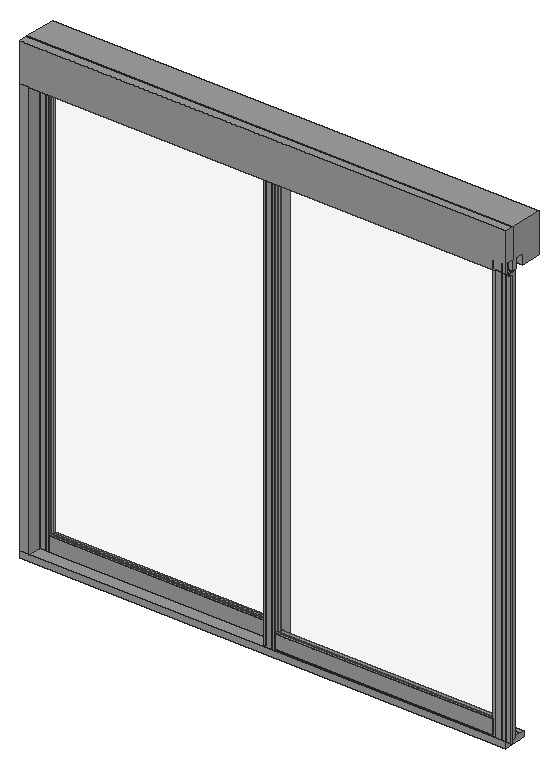
Revit family "Agta_Record_SldngDrset_THERMCORD-E-STA_WallBased", category Doors, host Wall, Revit 2012
Parameters (values of type "THERMCORD E-STA-L 200mm drive unit height - left - with side panel")
  WithoutDriveCladding(OnlyApplicableForTypesWithoutSidePanels) = not(WithDriveCladding)  # no
  WithinStandardSizes = and(OpeningWidth > 799.90 mm, OpeningWidth < 3000.10 mm, ClearHeightOfPassage < 3000.10 mm, ClearHeightOfPassage > 1999.90 mm)  # yes
  WithDriveCladding = yes
  WarrantyDurationUnit = "Depends on country"
  WallMountingProfile = yes
  TotalWidth = if(Left Panel, Side Panel Width Left + OpeningWidth + 51.00 mm, if(Right Panel, Side Panel Width Right + OpeningWidth + 51.00 mm, OpeningWidth + 105.50 mm))  # 2497.00 mm
  TotalHeight = ClearHeightOfPassage + DriveUnitHeight  # 2350.00 mm
  Thickness = 0.00 mm
  SustainabilityPerformance = "n/a"
  SupportLengthRight = if(Interlacing profile right, (OpeningWidth - 46.00 mm) / 2 + Side Panel Width Right, (OpeningWidth / 2) + 74.00 mm)  # 674.00 mm
  SupportLengthLeft = if(Interlacing profile left, (OpeningWidth - 46.00 mm) / 2 + Side Panel Width Left, (OpeningWidth / 2) + 74.00 mm)  # 1823.00 mm
  SupportLength = SupportLengthRight + SupportLengthLeft  # 2497.00 mm
  Side void right = if(Right Panel, Side Panel Width Right - 70.50 mm, if(Interlacing profile right, 0.00 mm, 46.00 mm))  # 46.00 mm
  Side void left = if(Left Panel, Side Panel Width Left - 70.50 mm, if(Interlacing profile left, 0.00 mm, 46.00 mm))  # 1175.50 mm
  Side Panel Width Right = Side Panel Minimum Standard + ExtraRight  # 1246.00 mm
  Side Panel Width Left = Side Panel Minimum Standard + ExtraLeft  # 1246.00 mm
  ServiceLifeType = "n/a"
  Right Profile = DoorOpeningLeft > DoorOpeningRight  # no
  Right Panel = no
  Revision = "n/a"
  ProductInformation = "www.agta-record.com"
  Process = "n/a"
  PanelFrames = Sliding Door, Aluminium
  PanelFill = Sliding Door, Laminated Safety Glass (Clear)
  Panel Height = ClearHeightOfPassage + 50.00 mm  # 2200.00 mm
  Operation = "n/a"
  OpeningWidth = 1200.00 mm
  OffsetFromWallTop = 0.00 mm
  OffsetFromWallSide = 0.00 mm
  OffsetFromInteriorWallFace(OnlyApplicableForTypesWithTwoSidePanels) = 0.00 mm
  Name = "n/a"
  NBSTypeID = "n/a"
  NBSReference = "25-50-20/175"
  NBSOfficeMasterTag = "n/a"
  NBSNote = "n/a"
  NBSDescription = "Automatic Sliding Door"
  NBSCertification = "n/a"
  ModelNumber = "n/a"
  ModelLabel = "n/a"
  MethodOfMeasurement = "n/a"
  ManufacturerName = "Record"
  Left Profile = DoorOpeningRight > DoorOpeningLeft  # no
  Left Panel = yes
  Interlacing profile right = no
  Interlacing profile left = yes
  Interlacing profile 1 = yes
  InstallationDate = "n/a"
  Inner Panel Width = OpeningWidth + 46.00 mm  # 1246.00 mm
  IfcExportType = "Door"
  IfcExportAs = "IfcDoorStyle"
  Grade = "n/a"
  FloorGuide = Sliding Door, Stainless Steel
  Features = "n/a"
  ExtraWidthRight = 0.00 mm
  ExtraWidthLeft = 0.00 mm
  ExtraRight = if(not(Right Panel), 0.00 mm, ExtraWidthRight)  # 0.00 mm
  ExtraLeft = if(not(Left Panel), 0.00 mm, ExtraWidthLeft)  # 0.00 mm
  ExpectedLife = "n/a"
  DurationUnit = "n/a"
  DriveUnitHeight = 200.00 mm
  DriveUnit = Sliding Door, Sheet Metal (Painted Steel)
  Drive Depth = if(WithDriveCladding, 210.00 mm, 157.00 mm)  # 210.00 mm
  DoorOpeningRight = if(Interlacing profile right, Side Panel Width Left + DoorOpening, (Side Panel Width Left - DoorOpening))  # 1246.00 mm
  DoorOpeningLeft = if(Interlacing profile left, Side Panel Width Right + DoorOpening, (Side Panel Width Right - DoorOpening))  # 1246.00 mm
  DoorOpening = 0.00 mm
  Width = TotalWidth  # 2497.00 mm
  Weight = "Depends on configuration and size"
  WarrantyStartDate = "Depends on country"
  WarrantyGuarantorParts = "Local door manufacturer"
  WarrantyGuarantorLabour = "Local door manufacturer"
  WarrantyDurationParts = "Depends on country"
  WarrantyDurationLabour = "Depends on country"
  WarrantyDescription = "Depends on country"
  Version = "Version 1.0"
  Uniclass2 = "Ss_25_30_20_77"
  URL = "www.agta-record.com"
  Type Comments = ""
  ThresholdStripping = "No additional required, part of the doorset"
  ThresholdRequired = yes
  ThermalTransmittance = 0
  TagNumber = "n/a"
  SmokeStop = no
  Size = "n/a"
  Side Panel Minimum Standard = Inner Panel Width  # 1246.00 mm
  Shape = "Rectangular"
  ServiceLifeDuration = "10-15 years"
  SerialNumber = "n/a"
  SelfClosing = yes
  Rough Width = SupportLength + OffsetFromWallSide + 6.00 mm  # 2503.00 mm
  Rough Height = TotalHeight + OffsetFromWallTop + 6.00 mm  # 2356.00 mm
  ReplacementCost = "Depends on the configuration and door type"
  ReferenceStandard = "EN16005, EN16361, DIN 18650, etc."
  Reference = "n/a"
  ProductionYear = "n/a"
  PassageWidthOptions = "n/a"
  Opening Width in Wall = if([OffsetFromInteriorWallFace(OnlyApplicableForTypesWithTwoSidePanels)] = 0.00 mm, OpeningWidth - 140.00 mm, OpeningWidth)  # 1060.00 mm
  Opening = 0.00 mm
  NominalWidth = TotalWidth  # 2497.00 mm
  NominalLength = 0.00 mm
  NominalHeight = TotalHeight  # 2350.00 mm
  ModelReference = "Depends on the configuration"
  Model = "THERMCORD E-STA"
  Material = "Aluminium"
  ManufacturerURL = "www.agta-record.com"
  Manufacturer = "Record"
  LeafColourOptions = "All RAL, customer specific"
  Keynote = ""
  IssueDate = ""
  IsExternal = yes
  Infiltration = "n/a"
  Height = TotalHeight  # 2350.00 mm
  HasDrive = yes
  HandicapAccessible = yes
  GlassType = "Part of glazing spec"
  GlassThickness2 = "None (default)"
  GlassThickness1 = "8 mm (default)"
  GlassLayers = 2
  FrameSeal = yes
  FrameProfile = "Aluminium"
  FrameMaterial = "Aluminium"
  FrameFinishOptions = "n/a"
  FireExit = no
  Finish = "Powder coated, Anodized, customer specific"
  ElectronicLock = yes
  DoorsetOperation = "Automatic"
  DoorsetFasteners = "Screws"
  DoorSeal = "1"
  DoorNumber = "n/a"
  DoorIncluded = yes
  Documentation = "n/a"
  DocumentReference = "n/a"
  Description = "Automatic Sliding Door"
  Cost = 0
  Construction Type = "Automatic Sliding Door"
  Constituents = "n/a"
  Configuration = "1 or 2"
  Colour = "Customer specific"
  CodePerformance = "n/a"
  Clearance Zones = no
  ClearHeightOfPassage = 2150.00 mm
  Category = "n/a"
  BarCode = "n/a"
  BIMObjectName = "THERMCORD E-STA - Wall based.rfa"
  Author = "agtatec"
  AssetType = "n/a"
  AssetIdentifier = "n/a"
  Assembly Code = "B2030110"
  AntiFingerTrapRequirement = yes
  AlternativeDoorsetGlazing = "Part of glazing spec"
  AccessoryOptions = "Contact manufacturer"
  AccessibilityPerformance = "n/a"
Reference planes
  plane 1: y = 0
  plane 2 "Center (Left/Right)": x = 0
  plane 3 "Wall Edge": y = 76.2
  plane 4: x = 600
  plane 5: x = -600
  plane 6: x = -577
  plane 7: x = 577
  plane 8: x = -674
  plane 9: x = 1823
  plane 10: x = 674
  plane 11: x = -1823
  plane 12: x = 1752.5
  plane 13: z = 2350
  plane 14: x = -623
Lines and regions (mm)
  Opening 1
    outline origin (-1524, -76.2, 0) x (1, 0, 0) y (0, 0, 1)
      loop
        line (901, 0) -> (3276.5, 0) -> (3276.5, 2350) -> (901, 2350) -> (901, 0)
Text (mm)
  text "Placement Side" at (0, 1019.848, 3124.603), in view "Right"
  text "Placement Side" at (-1787.662, 723.012, 0), in view "Ref. Level"
  text "Placement Side" at (0, 2073.289, 3571.227), in view "Left"
Dimensions and locks
  locked: plane 3 "Wall Edge" to host wall
  equal spacing: plane 4, plane 2 "Center (Left/Right)", plane 5
  "OpeningWidth": plane 4 to plane 5
  locked: plane 4 to plane 7 at 23
  locked: plane 6 to plane 5 at 23
  "Side void left": plane 7 to plane 12
  "OffsetFromWallSide": plane 12 to Opening 1 sketch curve
  "OffsetFromWallTop": Opening 1 sketch curve to plane 13
  "TotalHeight": plane 13 to level
  "OffsetFromWallSide": Opening 1 sketch curve to plane 14
  "Side void right": plane 6 to plane 14
  aligned and locked: nested 1 to plane 3 "Wall Edge"
Automatic sketch dimensions
  Opening 1 sketch curve to level = 0.00 mm
Nested families
  nested 1: "THERMCORD E-STA" at (577.003, 76.2, 0), type "THERMCORD E-STA-L 150mm drive unit height, left, with side panel"
    with Wall Mounting Profile yes, Mounting profile left yes, Modified Profile yes, Total Height 2350.00 mm, Rough Height 2356.00 mm, NominalHeight 2350.00 mm, Inner Panel Profile no, Height 2350.00 mm, Drive Unit Height 200.00 mm
Definition of nested family "THERMCORD E-STA"
  Parameters (values of type "THERMCORD E-STA-L 150mm drive unit height, left, with side panel")
    Without side panels = and(not(Right Panel), not(Left Panel))  # no
    Without Drive Cladding 'only applicable for types without side panels' = not(With Drive Cladding)  # no
    Within Standard Sizes = and(Opening Width > 799.90 mm, Opening Width < 3000.10 mm, Clear Height of Passage < 3000.10 mm, Clear Height of Passage > 1999.90 mm)  # yes
    With Drive Cladding = yes
    Wall Opening Width = if(and(Right Panel, Left Panel), Opening Width + Side Panel Width Right + Side Panel Width Left, if(Right Panel, Opening Width + Side Panel Width Right, if(Left Panel, Opening Width + Side Panel Width Left, Opening Width)))  # 2446.00 mm
    Wall Mounting Profile = no
    Support Length Right = if(Interlacing profile right, (Opening Width - 46.00 mm) / 2 + Side Panel Width Right, (Opening Width / 2) + 74.00 mm)  # 674.00 mm
    Support Length Left = if(Interlacing profile left, (Opening Width - 46.00 mm) / 2 + Side Panel Width Left, (Opening Width / 2) + 74.00 mm)  # 1823.00 mm
    Side Panel Width Right = Side Panel Minimum Standard + Extra Right  # 1246.00 mm
    Side Panel Width Left = Side Panel Minimum Standard + Extra Left  # 1246.00 mm
    Right Profile = Door Opening Left > Door Opening Right  # no
    Right Panel = no
    Profile Opening Right = if(Interlacing profile left, Door Opening Restriction, 0.00 mm)  # 0.00 mm
    Profile Opening Left = if(Interlacing profile right, Door Opening Restriction, 0.00 mm)  # 0.00 mm
    Outer Panel Width Right = Side Panel Minimum Standard - 32.82 mm + Extra Right  # 1213.18 mm
    Outer Panel Width Left = Side Panel Minimum Standard - 32.82 mm + Extra Left  # 1213.18 mm
    Mounting profile right = and(Right Panel, Wall Mounting Profile)  # no
    Mounting profile left = and(Left Panel, Wall Mounting Profile)  # no
    Modified Profile = or(Wall Opening Width = Opening Width, Wall Mounting Profile)  # no
    Left Profile = Door Opening Right > Door Opening Left  # no
    Left Panel = yes
    Interlacing profile right = no
    Width = Total Width  # 2497.00 mm
    Weight = "Depends on configuration and size"
    WarrantyStartDate = "Depends on country"
    WarrantyGuarantorParts = "Local door manufacturer"
    WarrantyGuarantorLabour = "Local door manufacturer"
    WarrantyDurationParts = "Depends on country"
    WarrantyDurationLabour = "Depends on country"
    WarrantyDescription = "Depends on country"
    Version = "Version 1.0"
    Uniclass2 = "Ss_25_30_20_77"
    URL = "www.agta-record.com"
    Type Comments = ""
    Total Width = if(Left Panel, Side Panel Width Left + Opening Width + 51.00 mm, if(Right Panel, Side Panel Width Right + Opening Width + 51.00 mm, Opening Width + 105.50 mm))  # 2497.00 mm
    Total Height = Clear Height of Passage + Drive Unit Height  # 2300.00 mm
    ThresholdStripping = "No additional required, part of the doorset"
    ThresholdRequired = yes
    ThermalTransmittance = 0
    TagNumber = ""
    Support Length = Support Length Right + Support Length Left  # 2497.00 mm
    SmokeStop = no
    Size = ""
    Side Panel Minimum Standard = Inner Panel Width  # 1246.00 mm
    Shape = "Rectangular"
    ServiceLifeDuration = "10-15 years"
    SerialNumber = ""
    SelfClosing = yes
    Rough Width = Total Width + 6.00 mm  # 2503.00 mm
    Rough Height = Total Height + 6.00 mm  # 2306.00 mm
    ReplacementCost = "Depends on the configuration and door type"
    ReferenceStandard = "EN16005, EN16361, DIN 18650, etc."
    Reference = ""
    ProductionYear = ""
    PassageWidthOptions = ""
    Panel Height = Clear Height of Passage + 50.00 mm  # 2200.00 mm
    Panel Frames = Sliding Door, Aluminium
    Panel Fill = Sliding Door, Laminated Safety Glass (Clear)
    Operation = "Automatic"
    Opening Width = 1200.00 mm
    NominalWidth = Total Width  # 2497.00 mm
    NominalLength = 0.00 mm
    NominalHeight = Total Height  # 2300.00 mm
    ModelReference = "Depends on the configuration"
    Model = "THERMCORD E-STA"
    Material = "Aluminium"
    ManufacturerURL = "www.agta-record.com"
    Manufacturer = "Record"
    LeafColourOptions = "All RAL, customer specific"
    Keynote = ""
    IssueDate = ""
    IsExternal = yes
    Interlancing Profile Height = Panel Height - 5.00 mm  # 2195.00 mm
    Interlacing profile left = yes
    Interlacing profile 3 = and(Wall Opening Width = Opening Width, With Drive Cladding)  # no
    Interlacing profile 2 = and(Wall Opening Width = Opening Width, Without Drive Cladding 'only applicable for types without side panels')  # no
    Interlacing profile 1 = yes
    Inner Panel Width = Opening Width + 46.00 mm  # 1246.00 mm
    Inner Panel Profile = not(Modified Profile)  # yes
    Infiltration = "<>"
    Height = Total Height  # 2300.00 mm
    HasDrive = yes
    HandicapAccessible = yes
    GlassType = "Part of glazing spec"
    GlassThickness2 = "None (default)"
    GlassThickness1 = "8 mm (default)"
    GlassLayers = 2
    Function = 1
    FrameSeal = yes
    FrameProfile = "Aluminium"
    FrameMaterial = "Aluminium"
    FrameFinishOptions = ""
    Floor List Depth = if(With Drive Cladding, 89.00 mm, 46.75 mm)  # 89.00 mm
    Floor Guide = Sliding Door, Stainless Steel
    FireExit = no
    Finish = "Powder coated, Anodized, customer specific"
    Extra Width Right = 0.00 mm
    Extra Width Left = 0.00 mm
    Extra Right = if(not(Right Panel), 0.00 mm, Extra Width Right)  # 0.00 mm
    Extra Left = if(not(Left Panel), 0.00 mm, Extra Width Left)  # 0.00 mm
    ElectronicLock = yes
    Drive Unit Height = 150.00 mm
    Drive Unit Extra Width Right = if(Extra Right > 65.00 mm, Extra Right, 65.00 mm)  # 65.00 mm
    Drive Unit Extra Width Left = if(Extra Left > 65.00 mm, Extra Left, 65.00 mm)  # 65.00 mm
    Drive Unit Center Distance = (Opening Width / 2) + Side Panel Width Left + if(Extra Left > 65.00 mm, 0.00 mm, 65.00 mm - Extra Left) - if(Drive Unit Extra Width Right > Drive Unit Extra Width Left, 0.00 mm, Drive Unit Extra Width Right - Drive Unit Extra Width Left) + if(Drive Unit Extra Width Right < Drive Unit Extra Width Left, Drive Unit Extra Width Right - Drive Unit Extra Width Left, 0.00 mm)  # 1911.00 mm
    Drive Unit = Sliding Door, Sheet Metal (Painted Steel)
    Drive Depth = if(and(Without Drive Cladding 'only applicable for types without side panels', Drive Unit Height = 200.00 mm), 167.00 mm, if(and(Without Drive Cladding 'only applicable for types without side panels', Drive Unit Height = 150.00 mm), 157.00 mm, 210.00 mm))  # 210.00 mm
    DoorsetOperation = "Automatic"
    DoorsetFasteners = "Screws"
    DoorSeal = "yes"
    DoorNumber = ""
    DoorIncluded = yes
    Door Opening Right = if(Interlacing profile right, Side Panel Width Left + Door Opening Restriction, (Side Panel Width Left - Door Opening Restriction))  # 1246.00 mm
    Door Opening Restriction = if(Door Opening > Opening Width, Opening Width, Door Opening)  # 0.00 mm
    Door Opening Left = if(Interlacing profile left, Side Panel Width Right + Door Opening Restriction, (Side Panel Width Right - Door Opening Restriction))  # 1246.00 mm
    Door Opening = 0.00 mm
    Distance to Wall = if(Without Drive Cladding 'only applicable for types without side panels', 20.00 mm, 63.00 mm)  # 63.00 mm
    Description = "Automatic Sliding Door"
    Cost = 0
    Construction Type = "Automatic Sliding Door"
    Configuration = "1 or 2"
    Colour = "Customer specific"
    Clearance Zones = no
    Clear Height of Passage = 2150.00 mm
    BIMObjectName = "THERMCORD E-STA.rfa"
    Author = "agtatec"
    Assembly Code = "B2030110"
    AntiFingerTrapRequirement = yes
    AlternativeDoorsetGlazing = "Part of glazing spec"
    AccessoryOptions = "Contact manufacturer"
  Types (9, lengths in mm): name | Without side panels | Wall Opening Width | Support Length Right | Support Length Left | Right Panel | Modified Profile | Left Panel | Interlacing profile right | Width | Total Width | Total Height | Rough Width | Rough Height | NominalWidth | NominalHeight | Interlacing profile left | Interlacing profile 3 | Interlacing profile 1 | Inner Panel Profile | Height | Drive Unit Height | DoorSeal
    (no name) | no | 2446.00 | 674.00 | 1823.00 | no | no | yes | no | 2497.00 | 2497.00 | 2300.00 | 2503.00 | 2306.00 | 2497.00 | 2300.00 | yes | no | yes | yes | 2300.00 | 150.00 | "yes"
    THERMCORD E-STA-L 150mm drive unit height, left, with side panel | no | 2446.00 | 674.00 | 1823.00 | no | no | yes | no | 2497.00 | 2497.00 | 2300.00 | 2503.00 | 2306.00 | 2497.00 | 2300.00 | yes | no | yes | yes | 2300.00 | 150.00 | "yes"
    THERMCORD E-STA-R 150mm drive unit height, right, without side panels | yes | 1200.00 | 1823.00 | 674.00 | no | yes | no | yes | 1305.50 | 1305.50 | 2300.00 | 1311.50 | 2306.00 | 1305.50 | 2300.00 | no | yes | no | no | 2300.00 | 150.00 | "1"
    THERMCORD E-STA-R 150mm drive unit height, right, with side panel | no | 2446.00 | 1823.00 | 674.00 | yes | no | no | yes | 2497.00 | 2497.00 | 2300.00 | 2503.00 | 2306.00 | 2497.00 | 2300.00 | no | no | yes | yes | 2300.00 | 150.00 | "1"
    THERMCORD E-STA-L 150mm drive unit height, left, without side panels | yes | 1200.00 | 674.00 | 1823.00 | no | yes | no | no | 1305.50 | 1305.50 | 2300.00 | 1311.50 | 2306.00 | 1305.50 | 2300.00 | yes | yes | no | no | 2300.00 | 150.00 | "1"
    THERMCORD E-STA-L 200mm drive unit height, left, with side panel | no | 2446.00 | 674.00 | 1823.00 | no | no | yes | no | 2497.00 | 2497.00 | 2350.00 | 2503.00 | 2356.00 | 2497.00 | 2350.00 | yes | no | yes | yes | 2350.00 | 200.00 | "1"
    THERMCORD E-STA-L 200mm drive unit height, left, without side panels | yes | 1200.00 | 674.00 | 1823.00 | no | yes | no | no | 1305.50 | 1305.50 | 2350.00 | 1311.50 | 2356.00 | 1305.50 | 2350.00 | yes | yes | no | no | 2350.00 | 200.00 | "1"
    THERMCORD E-STA-R 200mm drive unit height, right, with side panel | no | 2446.00 | 1823.00 | 674.00 | yes | no | no | yes | 2497.00 | 2497.00 | 2300.00 | 2503.00 | 2306.00 | 2497.00 | 2300.00 | no | no | yes | yes | 2300.00 | 150.00 | "1"
    THERMCORD E-STA-R 200mm drive unit height, right, without side panels | yes | 1200.00 | 1823.00 | 674.00 | no | yes | no | yes | 1305.50 | 1305.50 | 2350.00 | 1311.50 | 2356.00 | 1305.50 | 2350.00 | no | yes | no | no | 2350.00 | 200.00 | "1"
  Reference planes
    plane 1 "Center (Front/Back)": y = 0
    plane 2: z = 0
    plane 3 "Ref": x = -0.003
    plane 4: y = 5.15
    plane 5: y = 101
    plane 6: z = 2300
    plane 7: z = 2150
    plane 8: z = 2508.08
    plane 9: x = -1251.003
    plane 10: z = 2320
    plane 11: y = 360
    plane 12 "Reference": z = 270
    plane 13 "2D Lines": z = 100
    plane 14: x = -1200.003
    plane 15: y = 63
    plane 16: x = 1245.997
    plane 17 "Center (Left/Right)": x = -577.003
    plane 18: x = 45.997
    plane 19: x = 96.997
    plane 20: x = -1154.003
    plane 21: x = 8.497
    plane 22: x = -1162.503
    plane 23: x = -2400.003
    plane 24: y = 46
    plane 25: x = -1154.003
    plane 26: x = -0.003
    plane 27: x = 1245.997
    plane 28: x = -1251.003
    plane 29: y = 210
  Forms (mm)
    Extrusion 1, solid, material "Sliding Door, Aluminium" <- "Panel Frames", visible <- "Left Panel"
      sketch origin (-430.68, 0, 0) x (-1, 0, 0) y (0, -1, 0)
        loop
          line (-1621.677, -5.15) -> (-1621.677, 0) -> (-1676.677, 0) -> (-1676.677, -46) -> (-1621.677, -46) -> (-1621.677, -43.15) -> (-1667.037, -43.15) -> (-1667.037, -5.15) -> (-1621.677, -5.15)
      from 0 to 2150
    Extrusion 2, solid, material "Sliding Door, Stainless Steel" <- "Floor Guide"
      sketch origin (-0.003, 0, 0) x (0, 1, 0) y (0, 0, 1)
        loop
          line (0, 0) -> (0, -30) -> (116, -30) -> (116, 0) -> (96, 0) -> (96, -28) -> (89, -28) -> (89, 0) -> (0, 0)
      from -1251 to 1246
    Extrusion 3, solid, material "Sliding Door, Aluminium" <- "Panel Frames", visible <- "Mounting profile left"
      sketch origin (-430.68, 0, 0) x (1, 0, 0) y (0, 1, 0)
        loop
          line (1676.677, 46) -> (1676.677, 0) -> (1701.677, 0) -> (1701.677, 2.5) -> (1687.177, 2.5) -> (1687.177, 46) -> (1676.677, 46)
      from 0 to 2150
    Extrusion 4, solid, material "Sliding Door, Aluminium" <- "Panel Frames", visible <- "Right Panel"
      sketch origin (-723.327, 0, 0) x (1, 0, 0) y (0, 1, 0)
        loop
          line (-1621.677, 5.15) -> (-1667.037, 5.15) -> (-1667.037, 43.15) -> (-1621.677, 43.15) -> (-1621.677, 46) -> (-1676.677, 46) -> (-1676.677, 0) -> (-1621.677, 0) -> (-1621.677, 5.15)
      from 0 to 2150
    Extrusion 5, solid, material "Sliding Door, Aluminium" <- "Panel Frames", visible <- "Mounting profile right"
      sketch origin (-723.327, 0, 0) x (-1, 0, 0) y (0, -1, 0)
        loop
          line (1676.677, -46) -> (1687.177, -46) -> (1687.177, -2.5) -> (1701.677, -2.5) -> (1701.677, 0) -> (1676.677, 0) -> (1676.677, -46)
      from 0 to 2150
    Extrusion 6, solid, material "Clearance Zones", visible <- "Clearance Zones"
      sketch origin (-577.003, -62.403, 1200) x (0, -1, 0) y (0, 0, 1)
        loop
          line (-62.403, 1120) -> (-422.403, 1120) -> (-422.403, -1200) -> (-62.403, -1200) -> (-62.403, 1120)
      from -1823 to 674
  Lines and regions (mm)
    Masking region 1, visible <- "Left Panel"
      outline origin (0, 0, 0) x (1, 0, 0) y (0, 1, 0)
        loop
          line (1190.997, 43.15) -> (1221.677, 43.15) -> (1221.677, 5.15) -> (1190.997, 5.15) -> (1190.997, 0) -> (1245.997, 0) -> (1245.997, 46) -> (1190.997, 46) -> (1190.997, 43.15)
    Masking region 2, visible <- "Mounting profile left"
      outline origin (0, 0, 0) x (1, 0, 0) y (0, 1, 0)
        loop
          line (1245.997, 46) -> (1245.997, 0) -> (1270.997, 0) -> (1270.997, 2.5) -> (1256.497, 2.5) -> (1256.497, 46) -> (1245.997, 46)
    Masking region 3, visible <- "Right Panel"
      outline origin (0, 0, 0) x (1, 0, 0) y (0, 1, 0)
        loop
          line (-2345.003, 43.15) -> (-2345.003, 46) -> (-2400.003, 46) -> (-2400.003, 0) -> (-2345.003, 0) -> (-2345.003, 5.15) -> (-2375.683, 5.15) -> (-2375.683, 43.15) -> (-2345.003, 43.15)
    Masking region 4, visible <- "Mounting profile right"
      outline origin (0, 0, 0) x (1, 0, 0) y (0, 1, 0)
        loop
          line (-2410.503, 46) -> (-2410.503, 2.5) -> (-2425.003, 2.5) -> (-2425.003, 0) -> (-2400.003, 0) -> (-2400.003, 46) -> (-2410.503, 46)
    symbolic lines, style "Opening simbol"
      curve 1: line (-502.003, -50, 0) -> (-652.003, -50, 0)
    symbolic lines, style "Opening simbol", visible <- "Interlacing profile left"
      curve 2: line (-502.003, -50, 0) -> (-537.359, -14.645, 0)
      curve 3: line (-502.003, -50, 0) -> (-537.359, -85.355, 0)
    symbolic lines, style "DoorsPanelProjection", visible <- "Left Panel", detail levels medium+fine
      curve 4: line (1190.997, 43.15, 100) -> (1236.357, 43.15, 100)
      curve 5: line (1236.357, 43.15, 100) -> (1236.357, 5.15, 100)
      curve 6: line (1236.357, 5.15, 100) -> (1190.997, 5.15, 100)
      curve 7: line (1221.677, 43.15, 100) -> (1221.677, 5.15, 100)
    symbolic lines, style "DoorsPanelProjection", visible <- "Right Panel", detail levels medium+fine
      curve 8: line (-2345.003, 43.15, 100) -> (-2390.363, 43.15, 100)
      curve 9: line (-2390.363, 43.15, 100) -> (-2390.363, 5.15, 100)
      curve 10: line (-2390.363, 5.15, 100) -> (-2345.003, 5.15, 100)
      curve 11: line (-2375.683, 5.15, 100) -> (-2375.683, 43.15, 100)
    symbolic lines, style "Doors", visible <- "Interlacing profile left"
      curve 12: line (-1200.003, 63, 100) -> (-1183.753, 63, 100)
    symbolic lines, style "Doors", visible <- "Interlacing profile right"
      curve 13: line (45.997, 63, 100) -> (29.747, 63, 100)
    symbolic lines, style "Opening simbol", visible <- "Interlacing profile right"
      curve 14: line (-652.003, -50, 0) -> (-616.648, -14.645, 0)
      curve 15: line (-652.003, -50, 0) -> (-616.648, -85.355, 0)
    symbolic lines, style "Doors", visible <- "Left Profile", detail levels medium+fine
      curve 16: line (45.997, 63, 270) -> (45.997, 101, 270)
    symbolic lines, visible <- "Right Profile", detail levels medium+fine
      curve 17: line (-1200.003, 101, 270) -> (-1200.003, 63, 270)
  Text (mm)
    text "Right" at (-1678.087, 0, 3204.03), in view "Back"
    text "Left" at (1021.913, 0, 3204.03), in view "Back"
  Dimensions and locks
    locked: plane 4 to plane 1 "Center (Front/Back)" at 5.15
    locked: plane 1 "Center (Front/Back)" to plane 5 at 101
    "Drive Unit Height": plane 6 to plane 7
    locked: plane 8 to plane 7 at 358.08
    "Clear Height of Passage": plane 7 to plane 2
    locked: plane 10 to plane 6 at 20
    "Opening Width": plane 14 to plane 3 "Ref"
    locked: plane 9 to plane 14 at 51
    "Side Panel Width Left": plane 3 "Ref" to plane 16
    locked: plane 18 to plane 19 at 51
    "Opening Width": plane 20 to plane 18
    "Inner Panel Width": plane 14 to plane 18
    equal spacing: plane 14, plane 17 "Center (Left/Right)", plane 18
    locked: plane 3 "Ref" to plane 21 at 8.5
    locked: plane 22 to plane 20 at 8.5
    "Side Panel Width Right": plane 23 to plane 20
    locked: plane 1 "Center (Front/Back)" to plane 24 at 46
    "Distance to Wall": plane 15 to plane 1 "Center (Front/Back)"
    locked: plane 15 to nested 7 at 6.12
    locked: plane 15 to nested 3 at 6.12
    "Door Opening Left": plane 23 to plane 25
    "Door Opening Right": plane 26 to plane 16
    "Profile Opening Right": plane 18 to nested 4
    "Profile Opening Left": nested 6 to plane 14
    "Support Length Left": plane 17 "Center (Left/Right)" to plane 27
    "Support Length Right": plane 28 to plane 17 "Center (Left/Right)"
    "Drive Depth": plane 1 "Center (Front/Back)" to plane 29
    "Drive Unit Height": plane 29 to plane 11
    locked: Extrusion 2 sketch curve to Extrusion 2 sketch curve at 20
    locked: Extrusion 2 sketch curve to Extrusion 2 sketch curve at 7
    "Floor List Depth": plane 1 "Center (Front/Back)" to Extrusion 2 sketch curve
    locked: curve 17 to curve 17 at 38
    locked: curve 16 to curve 16 at 38
    aligned and locked: plane 2 to level
    aligned and locked: plane 7 to Extrusion 3
    aligned and locked: plane 7 to Extrusion 1
    aligned and locked: plane 6 to nested 2
    aligned and locked: Extrusion 3 sketch curve to Extrusion 1
    aligned and locked: plane 16 to Extrusion 1
    aligned and locked: nested 1 to plane 21
    aligned and locked: nested 8 to plane 22
    aligned and locked: Extrusion 5 sketch curve to plane 23
    aligned and locked: Extrusion 1 sketch curve to plane 24
    aligned and locked: Extrusion 3 to plane 24
    aligned and locked: plane 24 to Masking region 1 sketch curve
    aligned and locked: Masking region 2 to plane 24
    aligned and locked: plane 24 to Extrusion 5 sketch curve
    aligned and locked: curve 4 to Extrusion 1
    aligned and locked: plane 24 to Masking region 3
    aligned and locked: plane 15 to nested 4
    aligned and locked: plane 15 to nested 10
    aligned and locked: plane 20 to nested 7
    aligned and locked: nested 3 to plane 3 "Ref"
    aligned and locked: plane 7 to Extrusion 4
    aligned and locked: plane 7 to Extrusion 5
    aligned and locked: plane 26 to nested 5
    aligned and locked: nested 9 to plane 15
    aligned and locked: plane 15 to nested 5
    aligned and locked: nested 2 to plane 17 "Center (Left/Right)"
    aligned and locked: Extrusion 2 to plane 28
    aligned and locked: Extrusion 2 to plane 27
    aligned and locked: plane 1 "Center (Front/Back)" to nested 2
    aligned and locked: plane 10 to Extrusion 6 sketch curve
    aligned and locked: plane 11 to Extrusion 6 sketch curve
    aligned and locked: plane 1 "Center (Front/Back)" to Extrusion 6 sketch curve
    aligned and locked: level to Extrusion 6 sketch curve
    aligned and locked: Extrusion 6 to plane 27
    aligned and locked: Extrusion 6 to plane 28
    aligned and locked: curve 16 to nested 5
    aligned and locked: nested 5 to curve 13
    aligned and locked: curve 13 to nested 5
    aligned and locked: curve 17 to nested 5
    aligned and locked: curve 12 to nested 5
    aligned and locked: curve 17 to curve 12
  Automatic sketch dimensions
    Extrusion 2 sketch curve to level = 0.00 mm  (x2)
    Extrusion 2 sketch curve to plane 1 "Center (Front/Back)" = 0.00 mm
    Extrusion 2 sketch curve to level = 28.00 mm
    Extrusion 2 sketch curve to level = 30.00 mm
    Extrusion 5 sketch curve to plane 1 "Center (Front/Back)" = 0.00 mm
    Extrusion 5 sketch curve to plane 23 = 10.50 mm
    Extrusion 5 sketch curve to Extrusion 5 sketch curve = 14.50 mm
    plane 1 "Center (Front/Back)" to Extrusion 5 sketch curve = 2.50 mm
    Extrusion 1 sketch curve to plane 16 = 0.00 mm
    Extrusion 1 sketch curve to plane 4 = 0.00 mm
    plane 1 "Center (Front/Back)" to Extrusion 1 sketch curve = 0.00 mm
    plane 24 to Extrusion 1 sketch curve = 2.85 mm
    plane 16 to Extrusion 1 sketch curve = 9.64 mm
    Extrusion 1 sketch curve to Extrusion 1 sketch curve = 45.36 mm
    Extrusion 1 sketch curve to Extrusion 1 sketch curve = 0.00 mm
    Extrusion 3 sketch curve to plane 24 = 0.00 mm
    plane 1 "Center (Front/Back)" to Extrusion 3 sketch curve = 0.00 mm
    Extrusion 3 sketch curve to Extrusion 3 sketch curve = 10.50 mm
    Extrusion 3 sketch curve to Extrusion 3 sketch curve = 14.50 mm
    Extrusion 3 sketch curve to plane 1 "Center (Front/Back)" = 2.50 mm
    Extrusion 4 sketch curve to plane 23 = 0.00 mm
    Extrusion 4 sketch curve to plane 4 = 0.00 mm
    plane 1 "Center (Front/Back)" to Extrusion 4 sketch curve = 0.00 mm
    Extrusion 4 sketch curve to plane 24 = 0.00 mm
    Extrusion 4 sketch curve to plane 24 = 2.85 mm
    Extrusion 4 sketch curve to plane 23 = 9.64 mm
    Extrusion 4 sketch curve to Extrusion 4 sketch curve = 45.36 mm
    Extrusion 4 sketch curve to Extrusion 4 sketch curve = 0.00 mm
    Masking region 1 sketch curve to plane 4 = 0.00 mm
    plane 1 "Center (Front/Back)" to Masking region 1 sketch curve = 0.00 mm
    Masking region 1 sketch curve to plane 16 = 0.00 mm
    Masking region 1 sketch curve to plane 16 = 24.32 mm
    Masking region 1 sketch curve to plane 24 = 2.85 mm
    Masking region 1 sketch curve to Masking region 1 sketch curve = 30.68 mm  (x2)
    Masking region 2 sketch curve to plane 16 = 0.00 mm
    Masking region 2 sketch curve to plane 24 = 0.00 mm
    plane 1 "Center (Front/Back)" to Masking region 2 sketch curve = 0.00 mm
    plane 16 to Masking region 2 sketch curve = 10.50 mm
    Masking region 2 sketch curve to Masking region 2 sketch curve = 14.50 mm
    Masking region 2 sketch curve to plane 1 "Center (Front/Back)" = 2.50 mm
    plane 1 "Center (Front/Back)" to Masking region 3 sketch curve = 0.00 mm
    Masking region 3 sketch curve to plane 23 = 0.00 mm
    Masking region 3 sketch curve to plane 4 = 0.00 mm
    Masking region 3 sketch curve to plane 24 = 0.00 mm
    Masking region 3 sketch curve to plane 23 = 24.32 mm
    Masking region 3 sketch curve to Masking region 3 sketch curve = 30.68 mm  (x2)
    Masking region 3 sketch curve to plane 24 = 2.85 mm
    curve 5 to plane 4 = 0.00 mm
    curve 10 to plane 4 = 0.00 mm
    curve 13 to plane 15 = 0.00 mm
    curve 4 to plane 16 = 55.00 mm
    curve 6 to curve 4 = 0.00 mm
    curve 7 to plane 16 = 24.32 mm
    curve 6 to plane 16 = 9.64 mm
    curve 10 to plane 23 = 55.00 mm
    curve 8 to plane 24 = 2.85 mm
    curve 8 to curve 10 = 0.00 mm
    curve 11 to plane 23 = 24.32 mm
    curve 8 to plane 23 = 9.64 mm
    plane 1 "Center (Front/Back)" to Masking region 4 sketch curve = 0.00 mm
    Masking region 4 sketch curve to plane 24 = 0.00 mm
    Masking region 4 sketch curve to plane 23 = 0.00 mm
    plane 23 to Masking region 4 sketch curve = 10.50 mm
    Masking region 4 sketch curve to Masking region 4 sketch curve = 14.50 mm
    Masking region 4 sketch curve to plane 1 "Center (Front/Back)" = 2.50 mm
    curve 16 to plane 5 = 0.00 mm
    curve 17 to plane 5 = 0.00 mm
    curve 12 to plane 15 = 0.00 mm
    plane 17 "Center (Left/Right)" to curve 1 = 75.00 mm
    plane 17 "Center (Left/Right)" to curve 15 = 39.645 mm
    plane 1 "Center (Front/Back)" to curve 14 = 14.645 mm
    plane 17 "Center (Left/Right)" to curve 14 = 39.645 mm
    plane 1 "Center (Front/Back)" to curve 2 = 14.645 mm
    curve 2 to plane 17 "Center (Left/Right)" = 39.645 mm
    curve 3 to plane 17 "Center (Left/Right)" = 39.645 mm
    plane 1 "Center (Front/Back)" to curve 2 = 50.00 mm
    curve 3 to curve 2 = 35.355 mm
  Nested families
    nested 1: "Outer Panel Left" at (8.497, 5.15, 0), visible <- "Left Panel", type "Outer Panel Left"
      with Outer Panel Width Left 1213.18 mm
    nested 2: "Top Element (drive unit)" at (-577.003, 0, 2300), type "Top Element (drive unit)"
      with Support Length Right 674.00 mm, Support Length Left 1823.00 mm, Right Panel no, Left Panel yes
    nested 3: "Interlacing profile" at (8.497, 43.15, 5) x (0, 1, 0) z (0, 0, 1), visible <- "Interlacing profile left", type "Modified profile"
    nested 4: "Interlacing profile" at (45.997, 63, 5) x (0, -1, 0) z (0, 0, 1), visible <- "Interlacing profile left", type "Interlacing profile"
    nested 5: "Inner Panel" at (45.997, 63, 0) x (-1, 0, 0) z (0, 0, 1), type "Inner Panel"
    nested 6: "Interlacing profile" at (-1200.003, 63, 5) x (0, -1, 0) z (0, 0, 1), visible <- "Interlacing profile right", type "Interlacing profile"
    nested 7: "Interlacing profile" at (-1162.503, 43.15, 5) x (0, 1, 0) z (0, 0, 1), visible <- "Interlacing profile right", type "Modified profile"
    nested 8: "Outer Panel Right" at (-2375.683, 5.15, 0), visible <- "Right Panel", type "Outer Panel Right"
      with Outer Panel Width Right 1213.18 mm
    nested 9: "Inner Panel Profile" at (-1200.003, 63, 0), visible <- "Interlacing profile left", type "Inner Panel Profile"
    nested 10: "Inner Panel Profile" at (45.997, 63, 0) x (-1, 0, 0) z (0, 0, 1), visible <- "Interlacing profile right", type "Inner Panel Profile"
    nested 11: "Inner Panel" at (-219.003, 63, 0) x (-1, 0, 0) z (0, 0, 1), type "Inner Panel", not visible
    nested 12: "Interlacing profile" at (-1200.003, 63, 5) x (0, -1, 0) z (0, 0, 1), visible <- "Interlacing profile right", type "Interlacing profile", not visible
    nested 13: "Inner Panel Profile" at (-1200.003, 63, 0), visible <- "Interlacing profile left", type "Inner Panel Profile", not visible
    nested 14: "Interlacing profile" at (45.997, 63, 5) x (0, -1, 0) z (0, 0, 1), visible <- "Interlacing profile left", type "Interlacing profile", not visible
    nested 15: "Inner Panel Profile" at (45.997, 63, 0) x (-1, 0, 0) z (0, 0, 1), visible <- "Interlacing profile right", type "Inner Panel Profile", not visible
  Definition of nested family "Outer Panel Left"
    Parameters (values of type "Outer Panel Left")
      Panel Height = 2200.00 mm
      Panel Glass = Sliding Door, Laminated Safety Glass (Clear)
      Panel Frames = Sliding Door, Aluminium
      Outer Panel Width Left = 813.18 mm
    Reference planes
      plane 1 "Center (Front/Back)": y = 0
      plane 2: z = 0
      plane 3 "Center (Left/Right)": x = 0
      plane 4: x = 813.18
      plane 5: z = 2200
      plane 6: x = 767.18
      plane 7: x = 46
      plane 8: z = 2163
      plane 9 "Above": z = 66
      plane 10: x = 781.18
      plane 11: x = 32
      plane 12: x = 782.5
      plane 13: x = 16.25
    Forms (mm)
      Extrusion 1, solid, material "Sliding Door, Aluminium" <- "Panel Frames"
        sketch origin (0, 0, 0) x (1, 0, 0) y (0, 1, 0)
          loop
            line (0, 0) -> (46, 0) -> (46, 2) -> (30, 2) -> (30, 36) -> (46, 36) -> (46, 38) -> (0, 38) -> (0, 0)
        from 0 to 2200
      Extrusion 2, solid, material "Sliding Door, Aluminium" <- "Panel Frames"
        sketch origin (591.5, 0, 0) x (-1, 0, 0) y (0, -1, 0)
          loop
            line (-221.68, 0) -> (-221.68, -38) -> (-175.68, -38) -> (-175.68, -36) -> (-191.68, -36) -> (-191.68, -2) -> (-175.68, -2) -> (-175.68, 0) -> (-221.68, 0)
        from 0 to 2200
      Extrusion 3, solid, material "Sliding Door, Aluminium" <- "Panel Frames"
        sketch origin (75, 0, 0) x (0, 1, 0) y (0, 0, 1)
          loop
            line (0, 2200) -> (0, 2150) -> (2.5, 2150) -> (2.5, 2166) -> (35.5, 2166) -> (35.5, 2150) -> (38, 2150) -> (38, 2200) -> (0, 2200)
        from -29 to 692.18
      Extrusion 4, solid, material "Sliding Door, Laminated Safety Glass (Clear)" <- "Panel Glass"
        sketch origin (0, 0, 0) x (1, 0, 0) y (0, 1, 0)
          loop
            line (32, 34) -> (32, 4) -> (781.18, 4) -> (781.18, 34) -> (32, 34)
        from 66 to 2163
      Extrusion 5, solid, material "Sliding Door, Aluminium" <- "Panel Frames"
        sketch origin (20, 0, 0) x (0, 1, 0) y (0, 0, 1)
          loop
            line (0, 5) -> (2.25, 5) -> (2.25, 0) -> (35.25, 0) -> (35.25, 5) -> (38, 5) -> (38, 77) -> (35.5, 77) -> (35.5, 61) -> (2.5, 61) -> (2.5, 77) -> (0, 77) -> (0, 5)
        from 26 to 747.18
    Lines and regions (mm)
      Masking region 1
        outline origin (0, 0, 0) x (1, 0, 0) y (0, 1, 0)
          loop
            line (0, 38) -> (0, 0) -> (782.5, 0) -> (813.18, 0) -> (813.18, 38) -> (782.5, 38) -> (16.25, 38) -> (0, 38)
      symbolic lines, detail levels medium+fine
        curve 1: line (767.18, 38, 66) -> (767.18, 0, 66)
        curve 2: line (46, 38, 66) -> (46, 0, 66)
      symbolic lines, detail levels fine
        curve 3: line (46, 34, 66) -> (767.18, 34, 66)
        curve 4: line (767.18, 4, 66) -> (46, 4, 66)
    Dimensions and locks
      "Panel Height": plane 5 to plane 2
      locked: plane 7 to plane 3 "Center (Left/Right)" at 46
      locked: plane 6 to plane 4 at 46
      locked: plane 5 to plane 8 at 37
      locked: plane 9 "Above" to level at 66
      locked: plane 4 to plane 10 at 32
      locked: plane 11 to plane 3 "Center (Left/Right)" at 32
      locked: plane 12 to plane 4 at 30.68
      plane 3 "Center (Left/Right)" to plane 13 = 16.25 mm
      "Outer Panel Width Left": plane 4 to plane 3 "Center (Left/Right)"
      aligned and locked: plane 2 to level
      aligned and locked: plane 5 to Extrusion 2
      aligned and locked: plane 5 to Extrusion 1
      aligned and locked: Extrusion 3 to plane 7
      aligned and locked: Extrusion 3 to plane 6
      aligned and locked: plane 8 to Extrusion 4
      aligned and locked: Extrusion 4 to plane 9 "Above"
      aligned and locked: Extrusion 4 to plane 10
      aligned and locked: Extrusion 4 to plane 11
      aligned and locked: Extrusion 1 to level
      aligned and locked: Extrusion 2 to level
      aligned and locked: Extrusion 5 to plane 6
      aligned and locked: Extrusion 5 to plane 7
      aligned and locked: Masking region 1 sketch curve to plane 3 "Center (Left/Right)"
      aligned and locked: Masking region 1 sketch curve to plane 4
      aligned and locked: plane 6 to curve 1
      aligned and locked: curve 2 to plane 7
    Automatic sketch dimensions
      Extrusion 1 sketch curve to plane 3 "Center (Left/Right)" = 0.00 mm
      Extrusion 1 sketch curve to plane 7 = 0.00 mm  (x2)
      plane 1 "Center (Front/Back)" to Extrusion 1 sketch curve = 0.00 mm
      Extrusion 1 sketch curve to plane 11 = 2.00 mm
      Extrusion 1 sketch curve to Extrusion 1 sketch curve = 2.00 mm  (x2)
      Extrusion 1 sketch curve to Extrusion 1 sketch curve = 34.00 mm
      Extrusion 2 sketch curve to plane 4 = 0.00 mm
      Extrusion 2 sketch curve to plane 6 = 0.00 mm  (x2)
      plane 1 "Center (Front/Back)" to Extrusion 2 sketch curve = 0.00 mm
      plane 10 to Extrusion 2 sketch curve = 2.00 mm
      Extrusion 2 sketch curve to Extrusion 2 sketch curve = 2.00 mm  (x2)
      Extrusion 2 sketch curve to Extrusion 2 sketch curve = 34.00 mm
      Extrusion 3 sketch curve to plane 1 "Center (Front/Back)" = 0.00 mm
      Extrusion 3 sketch curve to plane 5 = 0.00 mm
      Extrusion 3 sketch curve to plane 1 "Center (Front/Back)" = 2.50 mm
      plane 8 to Extrusion 3 sketch curve = 3.00 mm
      Extrusion 3 sketch curve to Extrusion 3 sketch curve = 33.00 mm
      Extrusion 3 sketch curve to Extrusion 3 sketch curve = 2.50 mm
      Extrusion 3 sketch curve to plane 8 = 13.00 mm  (x2)
      Extrusion 4 sketch curve to plane 11 = 0.00 mm
      Extrusion 4 sketch curve to plane 10 = 0.00 mm
      Extrusion 4 sketch curve to plane 1 "Center (Front/Back)" = 4.00 mm
      Extrusion 4 sketch curve to Extrusion 4 sketch curve = 30.00 mm
      Extrusion 5 sketch curve to plane 1 "Center (Front/Back)" = 0.00 mm
      Extrusion 5 sketch curve to level = 0.00 mm
      Extrusion 5 sketch curve to plane 1 "Center (Front/Back)" = 2.25 mm
      Extrusion 5 sketch curve to plane 1 "Center (Front/Back)" = 2.50 mm
      level to Extrusion 5 sketch curve = 5.00 mm
      Extrusion 5 sketch curve to Extrusion 5 sketch curve = 33.00 mm  (x2)
      plane 9 "Above" to Extrusion 5 sketch curve = 11.00 mm  (x2)
      Extrusion 5 sketch curve to Extrusion 5 sketch curve = 2.50 mm
      Extrusion 5 sketch curve to Extrusion 5 sketch curve = 5.00 mm
      Extrusion 5 sketch curve to plane 9 "Above" = 5.00 mm
      plane 1 "Center (Front/Back)" to Masking region 1 sketch curve = 0.00 mm
      Masking region 1 sketch curve to Masking region 1 sketch curve = 38.00 mm
      plane 12 to Masking region 1 sketch curve = 0.00 mm  (x2)
      Masking region 1 sketch curve to plane 13 = 0.00 mm
      plane 1 "Center (Front/Back)" to curve 2 = 0.00 mm
      plane 1 "Center (Front/Back)" to curve 1 = 0.00 mm
      curve 4 to curve 2 = 4.00 mm
      curve 3 to curve 4 = 30.00 mm
      curve 1 to curve 3 = 4.00 mm
      curve 2 to curve 3 = 4.00 mm
  Definition of nested family "Top Element (drive unit)"
    Parameters (values of type "Top Element (drive unit)")
      Without side panels = and(not(Right Panel), not(Left Panel))  # no
      Wall Mounting Option 2 = not(Wall Mounting Option 1)  # no
      Wall Mounting Option 1 = yes
      Total Width = 2497.00 mm
      Support Length Right = 1500.00 mm
      Support Length Left = 1500.00 mm
      Support Length = 2497.00 mm
      Right Panel = yes
      Left Panel = no
      Drive Unit Height = 150.00 mm
      Drive Unit = Sliding Door, Sheet Metal (Painted Steel)
      Drive Depth 3 = if(Wall Mounting Option 2, 0.00 mm, 43.00 mm)  # 43.00 mm
      Drive Depth 2 = if(and(Wall Mounting Option 2, Drive Unit Height = 150.00 mm), 86.00 mm, if(Drive Unit Height = 150.00 mm, 98.00 mm, 105.00 mm))  # 98.00 mm
      Drive Depth = if(and(Wall Mounting Option 2, Drive Unit Height = 200.00 mm), 167.00 mm, if(and(Wall Mounting Option 2, Drive Unit Height = 150.00 mm), 157.00 mm, 210.00 mm))  # 210.00 mm
      Cladding void = if(Without side panels, 42.00 mm, Drive Depth - Drive Depth 2 - 5.00 mm)  # 107.00 mm
      Cladding profile = not(Wall Mounting Option 2)  # yes
    Reference planes
      plane 1 "Center (Front/Back)": y = 0
      plane 2: z = 0
      plane 3 "Drive Unit Center (Left/Right)": x = 0
      plane 4: x = -1500
      plane 5: x = 1500
      plane 6: y = 210
      plane 7: y = 112
      plane 8: y = 43
    Forms (mm)
      Extrusion 1, solid, material "Sliding Door, Sheet Metal (Painted Steel)" <- "Drive Unit"
        sketch origin (0, 0, -40.756) x (0, 1, 0) y (0, 0, 1)
          loop
            line (43, 40.756) -> (43, -109.244) -> (63, -109.244) -> (63, -59.244) -> (112, -59.244) -> (112, -109.244) -> (210, -109.244) -> (210, 40.756) -> (43, 40.756)
        from -1500 to 1500
      Extrusion 2, solid, material "Sliding Door, Sheet Metal (Painted Steel)" <- "Drive Unit", visible <- "Cladding profile"
        sketch origin (0, 0, 0) x (0, 1, 0) y (0, 0, 1)
          loop
            line (0, 0) -> (0, -150) -> (43, -150) -> (43, 0) -> (0, 0)
        from -1500 to 1500
      Extrusion 3, void
        sketch origin (0, 112, -78.209) x (0, 0, -1) y (1, 0, 0)
          loop
            line (71.791, -1500) -> (71.791, 1500) -> (21.791, 1500) -> (21.791, -1500) -> (71.791, -1500)
        from 0 to 107 <- "Cladding void"
    Cuts and joins
      Extrusion 3 cuts Extrusion 2
    Dimensions and locks
      "Drive Unit Height": level to Extrusion 1
      "Support Length Right": plane 3 "Drive Unit Center (Left/Right)" to plane 4
      "Support Length Left": plane 5 to plane 3 "Drive Unit Center (Left/Right)"
      "Drive Depth": plane 1 "Center (Front/Back)" to plane 6
      "Drive Depth 2": plane 7 to plane 6
      locked: plane 1 "Center (Front/Back)" to Extrusion 2 sketch curve at 43
      "Drive Depth 3": plane 1 "Center (Front/Back)" to plane 8
      locked: plane 8 to Extrusion 1 sketch curve at 20
      locked: Extrusion 3 sketch curve to Extrusion 3 sketch curve at 50
      aligned and locked: level to plane 2
      aligned and locked: plane 2 to Extrusion 1  (x2)
      aligned and locked: plane 4 to Extrusion 1
      aligned and locked: plane 5 to Extrusion 1
      aligned and locked: plane 6 to Extrusion 1
      aligned and locked: Extrusion 1 to plane 7
      aligned and locked: Extrusion 2 sketch curve to plane 1 "Center (Front/Back)"
      aligned and locked: plane 5 to Extrusion 2
      aligned and locked: plane 4 to Extrusion 2
      aligned and locked: plane 8 to Extrusion 1 sketch curve
      aligned and locked: plane 5 to Extrusion 3 sketch curve
      aligned and locked: plane 4 to Extrusion 3 sketch curve
      aligned and locked: cut or joined group of Extrusion 2, Extrusion 3 to Extrusion 1
      aligned and locked: Extrusion 3 sketch curve to cut or joined group of Extrusion 2, Extrusion 3
    Automatic sketch dimensions
      Extrusion 2 sketch curve to level = 0.00 mm
      Extrusion 2 sketch curve to Extrusion 2 sketch curve = 150.00 mm
      Extrusion 1 sketch curve to level = 0.00 mm
      Extrusion 1 sketch curve to plane 7 = 0.00 mm
      Extrusion 1 sketch curve to plane 6 = 0.00 mm
      Extrusion 1 sketch curve to level = 100.00 mm
      Extrusion 1 sketch curve to Extrusion 1 sketch curve = 50.00 mm
      Extrusion 1 sketch curve to Extrusion 1 sketch curve = 0.00 mm
  Definition of nested family "Interlacing profile"
    Parameters (values of type "Interlacing profile")
      Panel Frames = Sliding Door, Aluminium
      Interlancing Profile Height = 2195.00 mm
      Interlacing profile 3 = no
      Interlacing profile 2 = no
      Interlacing profile 1 = yes
    Types (2): name
      Interlacing profile
      Modified profile
    Reference planes
      plane 1 "Center (Front/Back)": y = 0
      plane 2: z = 0
      plane 3 "Center (Left/Right)": x = 0
      plane 4: z = 2195
      plane 5 "Above": z = 40
      plane 6: y = -8.5
    Forms (mm)
      Extrusion 1, solid, material "Sliding Door, Aluminium" <- "Panel Frames", visible <- "Interlacing profile 1"
        sketch origin (0, 0, 0) x (1, 0, 0) y (0, 1, 0)
          loop
            line (0, 0) -> (-38, 0) -> (-38, -8.5) -> (13.73, -8.5) -> (13.73, 16.25) -> (0, 16.25) -> (0, 0)
        from 0 to 2195
      Extrusion 2, solid, material "Sliding Door, Aluminium" <- "Panel Frames", visible <- "Interlacing profile 2"
        sketch origin (0, 0, 0) x (1, 0, 0) y (0, 1, 0)
          loop
            line (13.73, 16.25) -> (0, 16.25) -> (0, -8.5) -> (13.73, -8.5) -> (13.73, 16.25)
        from 0 to 2195
      Extrusion 3, solid, material "Sliding Door, Aluminium" <- "Panel Frames", visible <- "Interlacing profile 3"
        sketch origin (0, 0, 0) x (1, 0, 0) y (0, 1, 0)
          loop
            line (-38, 0) -> (-38, -8.5) -> (13.73, -8.5) -> (13.73, 16.25) -> (0, 16.25) -> (0, 40.75) -> (-43, 40.75) -> (-43, 0) -> (-38, 0)
        from 0 to 2195
    Lines and regions (mm)
      Masking region 1, visible <- "Interlacing profile 1"
        outline origin (0, 0, 0) x (1, 0, 0) y (0, 1, 0)
          loop
            line (0, 16.25) -> (0, 0) -> (-38, 0) -> (-38, -8.5) -> (13.73, -8.5) -> (13.73, 16.25) -> (0, 16.25)
      Masking region 2, visible <- "Interlacing profile 2"
        outline origin (0, 0, 0) x (1, 0, 0) y (0, 1, 0)
          loop
            line (0, 16.25) -> (0, -8.5) -> (13.73, -8.5) -> (13.73, 16.25) -> (0, 16.25)
      Masking region 3, visible <- "Interlacing profile 3"
        outline origin (0, 0, 0) x (1, 0, 0) y (0, 1, 0)
          loop
            line (-43, 40.75) -> (-43, 0) -> (-38, 0) -> (-38, -8.5) -> (13.73, -8.5) -> (13.73, 16.25) -> (0, 16.25) -> (0, 40.75) -> (-43, 40.75)
      symbolic lines, visible <- "Interlacing profile 1", detail levels medium+fine
        curve 1: line (0, 16.25, 40) -> (0, 0, 40)
        curve 2: line (0, 0, 40) -> (-38, 0, 40)
      symbolic lines, visible <- "Interlacing profile 3"
        curve 3: line (0, 16.25, 40) -> (0, 0, 40)
        curve 4: line (0, 0, 40) -> (-38, 0, 40)
    Dimensions and locks
      "Interlancing Profile Height": plane 4 to level
      aligned and locked: plane 4 to Extrusion 1
      aligned and locked: plane 4 to Extrusion 2
      aligned and locked: plane 4 to Extrusion 3
    Automatic sketch dimensions
      plane 1 "Center (Front/Back)" to Extrusion 1 sketch curve = 0.00 mm
      Extrusion 1 sketch curve to plane 3 "Center (Left/Right)" = 0.00 mm
      plane 1 "Center (Front/Back)" to Extrusion 1 sketch curve = 8.50 mm
      Extrusion 1 sketch curve to plane 3 "Center (Left/Right)" = 38.00 mm
      plane 3 "Center (Left/Right)" to Extrusion 1 sketch curve = 13.73 mm
      Extrusion 1 sketch curve to plane 1 "Center (Front/Back)" = 16.25 mm
      plane 1 "Center (Front/Back)" to Masking region 1 sketch curve = 0.00 mm
      Masking region 1 sketch curve to plane 3 "Center (Left/Right)" = 0.00 mm
      plane 1 "Center (Front/Back)" to Masking region 1 sketch curve = 8.50 mm
      Masking region 1 sketch curve to plane 3 "Center (Left/Right)" = 38.00 mm
      Masking region 1 sketch curve to Masking region 1 sketch curve = 13.73 mm
      Masking region 1 sketch curve to Masking region 1 sketch curve = 16.25 mm
      Extrusion 2 sketch curve to plane 3 "Center (Left/Right)" = 0.00 mm
      Extrusion 2 sketch curve to plane 6 = 0.00 mm
      plane 3 "Center (Left/Right)" to Extrusion 2 sketch curve = 13.73 mm
      Extrusion 2 sketch curve to plane 1 "Center (Front/Back)" = 16.25 mm
      plane 1 "Center (Front/Back)" to Extrusion 3 sketch curve = 0.00 mm
      Extrusion 3 sketch curve to plane 3 "Center (Left/Right)" = 0.00 mm
      Extrusion 3 sketch curve to plane 6 = 0.00 mm
      Extrusion 3 sketch curve to Extrusion 3 sketch curve = 5.00 mm
      plane 3 "Center (Left/Right)" to Extrusion 3 sketch curve = 13.73 mm
      Extrusion 3 sketch curve to plane 1 "Center (Front/Back)" = 16.25 mm
      Extrusion 3 sketch curve to Extrusion 3 sketch curve = 24.50 mm
      Extrusion 3 sketch curve to plane 3 "Center (Left/Right)" = 38.00 mm
      Masking region 2 sketch curve to plane 3 "Center (Left/Right)" = 0.00 mm
      Masking region 2 sketch curve to plane 6 = 0.00 mm
      plane 3 "Center (Left/Right)" to Masking region 2 sketch curve = 13.73 mm
      Masking region 2 sketch curve to plane 1 "Center (Front/Back)" = 16.25 mm
      plane 1 "Center (Front/Back)" to Masking region 3 sketch curve = 0.00 mm
      Masking region 3 sketch curve to plane 6 = 0.00 mm
      Masking region 3 sketch curve to plane 3 "Center (Left/Right)" = 0.00 mm
      Masking region 3 sketch curve to plane 3 "Center (Left/Right)" = 38.00 mm
      Masking region 3 sketch curve to Masking region 3 sketch curve = 5.00 mm
      plane 3 "Center (Left/Right)" to Masking region 3 sketch curve = 13.73 mm
      Masking region 3 sketch curve to plane 1 "Center (Front/Back)" = 16.25 mm
      Masking region 3 sketch curve to Masking region 3 sketch curve = 24.50 mm
      plane 1 "Center (Front/Back)" to curve 4 = 0.00 mm
      curve 4 to plane 3 "Center (Left/Right)" = 0.00 mm
      curve 4 to curve 4 = 38.00 mm
      curve 1 to plane 1 "Center (Front/Back)" = 16.25 mm
  Definition of nested family "Inner Panel"
    Parameters (values of type "Inner Panel")
      Panel Height = 2200.00 mm
      Panel Glass = Sliding Door, Laminated Safety Glass (Clear)
      Panel Frames = Sliding Door, Aluminium
      Interlacing profile right = no
      Interlacing profile left = yes
      Inner Panel Width = 1246.00 mm
    Reference planes
      plane 1 "Center (Front/Back)": y = 0
      plane 2: z = 0
      plane 3 "Center (Left/Right)": x = 0
      plane 4: x = 1246
      plane 5: z = 2200
      plane 6: x = 1200
      plane 7: x = 46
      plane 8: z = 2163
      plane 9 "Above": z = 66
      plane 10: x = 1214
      plane 11: x = 32
      plane 12: z = 5
      plane 13: x = 16.25
      plane 14: x = 1229.75
    Forms (mm)
      Extrusion 1, solid, material "Sliding Door, Aluminium" <- "Panel Frames"
        sketch origin (0, 0, 0) x (1, 0, 0) y (0, 1, 0)
          loop
            line (0, 0) -> (46, 0) -> (46, 2) -> (30, 2) -> (30, 36) -> (46, 36) -> (46, 38) -> (0, 38) -> (0, 0)
        from 5 to 2200
      Extrusion 2, solid, material "Sliding Door, Aluminium" <- "Panel Frames"
        sketch origin (591.5, 0, 0) x (-1, 0, 0) y (0, -1, 0)
          loop
            line (-654.5, 0) -> (-654.5, -38) -> (-608.5, -38) -> (-608.5, -36) -> (-624.5, -36) -> (-624.5, -2) -> (-608.5, -2) -> (-608.5, 0) -> (-654.5, 0)
        from 5 to 2200
      Extrusion 3, solid, material "Sliding Door, Aluminium" <- "Panel Frames"
        sketch origin (-55, 0, 0) x (0, 1, 0) y (0, 0, 1)
          loop
            line (0, 5) -> (2.25, 5) -> (2.25, 26.2) -> (22.5, 26.2) -> (22.5, 5) -> (38, 5) -> (38, 77) -> (35.5, 77) -> (35.5, 61) -> (2.5, 61) -> (2.5, 77) -> (0, 77) -> (0, 5)
        from 101 to 1255
      Extrusion 4, solid, material "Sliding Door, Aluminium" <- "Panel Frames"
        sketch origin (75, 0, 0) x (0, 1, 0) y (0, 0, 1)
          loop
            line (0, 2200) -> (0, 2150) -> (2.5, 2150) -> (2.5, 2166) -> (35.5, 2166) -> (35.5, 2150) -> (38, 2150) -> (38, 2200) -> (0, 2200)
        from -29 to 1125
      Extrusion 5, solid, material "Sliding Door, Laminated Safety Glass (Clear)" <- "Panel Glass"
        sketch origin (0, 0, 0) x (1, 0, 0) y (0, 1, 0)
          loop
            line (32, 34) -> (32, 4) -> (1214, 4) -> (1214, 34) -> (32, 34)
        from 66 to 2163
    Lines and regions (mm)
      Masking region 1
        outline origin (0, 0, 0) x (1, 0, 0) y (0, 1, 0)
          loop
            line (1246, 38) -> (0, 38) -> (0, 0) -> (16.25, 0) -> (1229.75, 0) -> (1246, 0) -> (1246, 38)
      symbolic lines, detail levels fine
        curve 1: line (46, 34, 66) -> (1200, 34, 66)
        curve 2: line (46, 4, 66) -> (1200, 4, 66)
      symbolic lines, detail levels medium+fine
        curve 3: line (46, 38, 66) -> (46, 0, 66)
        curve 4: line (1200, 0, 66) -> (1200, 38, 66)
      symbolic lines
        curve 5: line (246, 0, 1075) -> (1000, 0, 1075)
      symbolic lines, visible <- "Interlacing profile left"
        curve 6: line (246, 0, 1075) -> (281.355, 0, 1110.355)
        curve 7: line (246, 0, 1075) -> (281.355, 0, 1039.645)
      symbolic lines, visible <- "Interlacing profile right"
        curve 8: line (1000, 0, 1075) -> (964.645, 0, 1110.355)
        curve 9: line (1000, 0, 1075) -> (964.645, 0, 1039.645)
    Dimensions and locks
      "Panel Height": plane 5 to plane 2
      "Inner Panel Width": plane 4 to plane 3 "Center (Left/Right)"
      locked: plane 7 to plane 3 "Center (Left/Right)" at 46
      locked: plane 6 to plane 4 at 46
      locked: plane 5 to plane 8 at 37
      locked: plane 9 "Above" to level at 66
      locked: plane 4 to plane 10 at 32
      locked: plane 11 to plane 3 "Center (Left/Right)" at 32
      locked: plane 3 "Center (Left/Right)" to plane 13 at 16.25
      locked: plane 14 to plane 4 at 16.25
      locked: curve 5 to plane 6 at 200
      locked: curve 5 to plane 7 at 200
      equal spacing: Extrusion 4, curve 5, level
      aligned and locked: plane 2 to level
      aligned and locked: plane 5 to Extrusion 2
      aligned and locked: plane 5 to Extrusion 1
      aligned and locked: Extrusion 1 to Extrusion 2
      aligned and locked: Extrusion 4 to plane 7
      aligned and locked: Extrusion 4 to plane 6
      aligned and locked: Extrusion 3 to plane 7
      aligned and locked: Extrusion 3 to plane 6
      aligned and locked: plane 8 to Extrusion 5
      aligned and locked: Extrusion 5 to plane 9 "Above"
      aligned and locked: Extrusion 5 to plane 10
      aligned and locked: Extrusion 5 to plane 11
      aligned and locked: Extrusion 1 to Extrusion 3
      aligned and locked: Extrusion 3 to Extrusion 2
      aligned and locked: Masking region 1 sketch curve to plane 4
      aligned and locked: Masking region 1 sketch curve to plane 3 "Center (Left/Right)"
      aligned and locked: curve 4 to plane 6
      aligned and locked: curve 3 to plane 7
    Automatic sketch dimensions
      Extrusion 1 sketch curve to plane 3 "Center (Left/Right)" = 0.00 mm
      Extrusion 1 sketch curve to plane 7 = 0.00 mm  (x2)
      plane 1 "Center (Front/Back)" to Extrusion 1 sketch curve = 0.00 mm
      Extrusion 1 sketch curve to plane 1 "Center (Front/Back)" = 2.00 mm
      Extrusion 1 sketch curve to plane 7 = 16.00 mm
      Extrusion 1 sketch curve to Extrusion 1 sketch curve = 34.00 mm
      Extrusion 1 sketch curve to Extrusion 1 sketch curve = 2.00 mm
      Extrusion 2 sketch curve to plane 4 = 0.00 mm
      Extrusion 2 sketch curve to plane 6 = 0.00 mm  (x2)
      plane 1 "Center (Front/Back)" to Extrusion 2 sketch curve = 0.00 mm
      plane 1 "Center (Front/Back)" to Extrusion 2 sketch curve = 2.00 mm
      Extrusion 2 sketch curve to Extrusion 2 sketch curve = 16.00 mm
      Extrusion 2 sketch curve to Extrusion 2 sketch curve = 34.00 mm
      Extrusion 2 sketch curve to Extrusion 2 sketch curve = 2.00 mm
      Extrusion 3 sketch curve to plane 1 "Center (Front/Back)" = 0.00 mm
      Extrusion 3 sketch curve to plane 1 "Center (Front/Back)" = 2.25 mm
      Extrusion 3 sketch curve to plane 1 "Center (Front/Back)" = 2.50 mm
      level to Extrusion 3 sketch curve = 5.00 mm  (x2)
      Extrusion 3 sketch curve to Extrusion 3 sketch curve = 20.25 mm
      Extrusion 3 sketch curve to Extrusion 3 sketch curve = 33.00 mm
      Extrusion 3 sketch curve to Extrusion 3 sketch curve = 2.50 mm
      Extrusion 3 sketch curve to Extrusion 3 sketch curve = 21.20 mm
      Extrusion 3 sketch curve to Extrusion 3 sketch curve = 34.80 mm
      Extrusion 3 sketch curve to Extrusion 3 sketch curve = 16.00 mm  (x2)
      Extrusion 4 sketch curve to plane 1 "Center (Front/Back)" = 0.00 mm
      Extrusion 4 sketch curve to plane 5 = 0.00 mm
      Extrusion 4 sketch curve to plane 1 "Center (Front/Back)" = 2.50 mm
      Extrusion 4 sketch curve to Extrusion 4 sketch curve = 33.00 mm
      Extrusion 4 sketch curve to Extrusion 4 sketch curve = 2.50 mm
      Extrusion 4 sketch curve to plane 5 = 34.00 mm
      Extrusion 4 sketch curve to Extrusion 4 sketch curve = 16.00 mm  (x2)
      Extrusion 5 sketch curve to plane 7 = 14.00 mm
      Extrusion 5 sketch curve to plane 6 = 14.00 mm
      Extrusion 5 sketch curve to plane 1 "Center (Front/Back)" = 4.00 mm
      Extrusion 5 sketch curve to Extrusion 5 sketch curve = 30.00 mm
      plane 1 "Center (Front/Back)" to curve 4 = 0.00 mm
      plane 1 "Center (Front/Back)" to curve 3 = 0.00 mm
      curve 2 to curve 3 = 4.00 mm
      curve 1 to curve 2 = 30.00 mm
      curve 3 to curve 1 = 4.00 mm
      curve 4 to curve 1 = 4.00 mm
